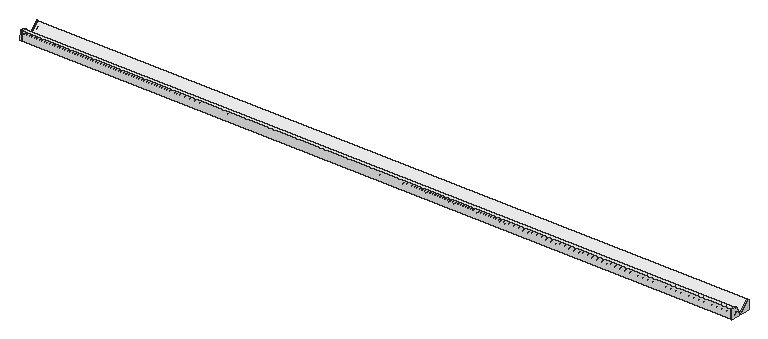
Revit family "R3314 updated", category Lighting Fixtures, host Face, Revit 2020 (continued)
Definition of nested family "DFRGBW 2"
  Definition of nested family "Increment DFRGBW strip"
    Forms (in)
      Extrusion 3, solid, material <- "LED"
        sketch origin (0, 0, 0) x (1, 0, 0) y (0, 1, 0)
          loop
            arc (0.36972, -0.19189) -> (0.39103, -0.17057) -> (0.36972, -0.14925) r 0.02132
            line (0.36972, -0.14925) -> (0.29284, -0.14925)
        from 0.04474 to 0.05111
    Dimensions and locks (in)
      "Increment": plane 3 "Center (Left/Right)" to plane 4
      equal spacing: plane 5, plane 1 "Center (Front/Back)", plane 6
      "Width": plane 5 to plane 6
      equal spacing: Extrusion 2, plane 1 "Center (Front/Back)", Extrusion 2
      "Height": plane 9 to plane 2
      aligned and locked: plane 2 to level
      aligned and locked: Sweep 1 sketch curve to plane 1 "Center (Front/Back)"
      aligned and locked: plane 3 "Center (Left/Right)" to Sweep 1 sketch curve
      aligned and locked: plane 4 to Sweep 1 sketch curve
      aligned and locked: plane 6 to Sweep 1 sketch curve
      aligned and locked: Sweep 1 sketch curve to plane 5
      aligned and locked: Extrusion 2 to Sweep 1
      aligned and locked: Extrusion 2 to plane 9
      aligned and locked: Extrusion 3 to Sweep 1
      aligned and locked: plane 10 to Extrusion 3
    Automatic sketch dimensions
      level to Sweep 1 sketch curve = 0.04474"
      Sweep 1 sketch curve to level = 0.0000"
      Extrusion 2 sketch curve to plane 3 "Center (Left/Right)" = 0.0000"
      Extrusion 2 sketch curve to plane 4 = 0.0000"
      plane 1 "Center (Front/Back)" to Extrusion 2 sketch curve = 0.11457"
      Extrusion 2 sketch curve to plane 1 "Center (Front/Back)" = 0.11457"
      Extrusion 3 sketch curve to plane 5 = 0.04311"
      plane 7 to Extrusion 3 sketch curve = 0.13659"
      Extrusion 3 sketch curve to Extrusion 3 sketch curve = 0.07688"  (x7)
      plane 6 to Extrusion 3 sketch curve = 0.08585"  (x3)
      plane 7 to Extrusion 3 sketch curve = 0.28299"
      Extrusion 3 sketch curve to Extrusion 3 sketch curve = 0.29073"
      plane 6 to Extrusion 3 sketch curve = 0.04322"  (x2)
      Extrusion 3 sketch curve to Extrusion 3 sketch curve = 0.07919"
      Extrusion 3 sketch curve to plane 5 = 0.08575"
      Extrusion 3 sketch curve to plane 8 = 0.25387"
      Extrusion 3 sketch curve to plane 8 = 0.00618"
      plane 8 to Extrusion 3 sketch curve = 0.0707"
      plane 6 to Extrusion 3 sketch curve = 0.06454"
      Extrusion 3 sketch curve to plane 4 = 0.70223"
      Extrusion 3 sketch curve to Extrusion 3 sketch curve = 0.0837"
      Extrusion 3 sketch curve to Extrusion 3 sketch curve = 0.04263"  (x3)
      Extrusion 3 sketch curve to Extrusion 3 sketch curve = 0.02132"  (x5)
Definition of nested family "N2_3000K"
  Parameters (values of type "N2_3000K")
    Wattage Comments = "1.85 W/FT"
    Watt [instance] = (1.85 W * Actual Light Length) / 12.0000"  # 3.64173 W
    Warranty URL = "https://bllighting.com/terms-and-conditions/"
    Voltage Comments = ""
    Version = "2020-v2.9"  # constant formula
    URL = "https://bllighting.com/"
    Strip = none
    Rdwn [instance] = rounddown(L1 / Cutting Increment)  # 12
    Product Page URL = "https://bllighting.com/our-products/bl-flexform-n2-series/#BL%20flexFORM%20N2++%23BL%20flexFORM%20N2++"
    Product Name = "BL flexFORM N2"  # constant formula
    Product Documentation Link = "https://bllighting.com/wp-content/uploads/N2-Specification.pdf"
    No of Source [instance] = rounddown(Actual Light Length / Cutting Increment)  # 12
    N2_1 [instance] = not(N2)  # no
    N2 [instance] = if(No of Source < 2, 1 = 0, 1 = 1)  # yes
    Model = "BL flexFORM N2"
    Manufacturer Phone Number = "1-604-874-4405"  # constant formula
    Manufacturer Email = "info@bllighting.com"
    Manufacturer Address = "111 - 8838 Heatner St. Vancouver. BC, Canada. V6P 3S8"  # constant formula
    Manufacturer = "BL Lighting"  # constant formula
    Lumens [instance] = 98 lm/W * Watt  # 356.889 lm
    Lumen Output = "180 lm/FT"
    Light source Placement [instance] = Actual Light Length / 2  # 11.8110"
    Light Length [instance] = 24.0000"
    Lens Material = none
    Lamp Life = "50,000 Hours"
    Lamp = "SMD 2216"
    LED = none
    L1 [instance] = if(Light Length < Cutting Increment, Cutting Increment, Light Length)  # 24.0000"
    Instruction Sheet Link = "https://bllighting.com/wp-content/uploads/N2-Specification.pdf"
    Initial Color Option Available = ""
    Finish = none
    Description = "Flexible,Linear LED Strip Lighting"  # constant formula
    Default Elevation = 48.0000"
    D = 0.0500"
    Cutting Increment [instance] = 1.9685"  # constant formula
    Copyright = "©BL INNOVATIVE LIGHTING"  # constant formula
    Actual No Of Source [instance] = if(No of Source < 2, 2, No of Source)  # 12
    Actual Light Length [instance] = Rdwn * Cutting Increment  # 23.6220"
    A = 0.17969"
  Reference planes (in)
    plane 1 "Center (Front/Back)": y = 0
    plane 2: z = 0
    plane 3 "Center (Left/Right)": x = 0
    plane 4: x = 23.622
    plane 5: y = 18.35094
    plane 6: x = 11.811
    plane 7: z = -0.33465
    plane 8: y = 18.44079
    plane 9: y = 18.2611
    plane 10: x = 1.9685
    plane 11: z = -0.05
  Dimensions and locks (in)
    "Actual Light Length": plane 4 to plane 3 "Center (Left/Right)"
    "Actual Light Length": plane 3 "Center (Left/Right)" to plane 4
    plane 6 to plane 4 = 11.8110"
    "Light source Placement": plane 6 to plane 4
    locked: plane 1 "Center (Front/Back)" to plane 5 at 18.35094
    locked: level to plane 7 at 0.33465
    "A": plane 8 to plane 9
    equal spacing: plane 8, plane 5, plane 9
    "Cutting Increment": plane 3 "Center (Left/Right)" to plane 10
    "D": level to plane 11
    equal spacing: group 1, group 2, group 3, group 4, group 5, group 6, group 7, group 8, group 9, group 10, group 11, group 12  (x3)
    aligned and locked: level to plane 2
    aligned and locked: plane 3 "Center (Left/Right)" to nested 1
    aligned and locked: nested 1 to plane 5
    aligned and locked: nested 1 to plane 11
    aligned and locked: plane 10 to nested 2
    aligned and locked: nested 3 to plane 3 "Center (Left/Right)"
    aligned and locked: nested 3 to plane 11
    aligned and locked: nested 3 to plane 5
  Nested families (in)
    nested 1: "Increment strip 4" at (0, 18.35094, 0), LED <- "LED", Strip <- "Strip", Height <- "D", Increment <- "Cutting Increment", Width <- "A", visible <- "N2", N2 <- "N2", type "Increment strip 4"
      with Width 0.17969", Strip none, N2 yes, LED none, Increment 1.9685", Height 0.0500"
    nested 2: "Increment strip 4" at (1.9685, 18.35094, 0), LED <- "LED", Strip <- "Strip", Height <- "D", Increment <- "Cutting Increment", Width <- "A", visible <- "N2", N2 <- "N2", type "Increment strip 4"
      with Width 0.17969", Strip none, N2 yes, LED none, Increment 1.9685", Height 0.0500"
    nested 3: "Increment strip 4" at (0, 18.35094, 0), LED <- "LED", Strip <- "Strip", Height <- "D", Increment <- "Cutting Increment", Width <- "A", visible <- "N2_1", N2 <- "N2_1", type "Increment strip 4"
      with Width 0.17969", Strip none, N2 no, LED none, Increment 1.9685", Height 0.0500"
    nested 4: "Increment strip 4" at (3.937, 18.35094, 0), LED <- "LED", Strip <- "Strip", Height <- "D", Increment <- "Cutting Increment", Width <- "A", visible <- "N2", N2 <- "N2", type "Increment strip 4"
      with Width 0.17969", Strip none, N2 yes, LED none, Increment 1.9685", Height 0.0500"
    nested 5: "Increment strip 4" at (5.9055, 18.35094, 0), LED <- "LED", Strip <- "Strip", Height <- "D", Increment <- "Cutting Increment", Width <- "A", visible <- "N2", N2 <- "N2", type "Increment strip 4"
      with Width 0.17969", Strip none, N2 yes, LED none, Increment 1.9685", Height 0.0500"
    nested 6: "Increment strip 4" at (7.874, 18.35094, 0), LED <- "LED", Strip <- "Strip", Height <- "D", Increment <- "Cutting Increment", Width <- "A", visible <- "N2", N2 <- "N2", type "Increment strip 4"
      with Width 0.17969", Strip none, N2 yes, LED none, Increment 1.9685", Height 0.0500"
    nested 7: "Increment strip 4" at (9.8425, 18.35094, 0), LED <- "LED", Strip <- "Strip", Height <- "D", Increment <- "Cutting Increment", Width <- "A", visible <- "N2", N2 <- "N2", type "Increment strip 4"
      with Width 0.17969", Strip none, N2 yes, LED none, Increment 1.9685", Height 0.0500"
    nested 8: "Increment strip 4" at (11.811, 18.35094, 0), LED <- "LED", Strip <- "Strip", Height <- "D", Increment <- "Cutting Increment", Width <- "A", visible <- "N2", N2 <- "N2", type "Increment strip 4"
      with Width 0.17969", Strip none, N2 yes, LED none, Increment 1.9685", Height 0.0500"
    nested 9: "Increment strip 4" at (13.7795, 18.35094, 0), LED <- "LED", Strip <- "Strip", Height <- "D", Increment <- "Cutting Increment", Width <- "A", visible <- "N2", N2 <- "N2", type "Increment strip 4"
      with Width 0.17969", Strip none, N2 yes, LED none, Increment 1.9685", Height 0.0500"
    nested 10: "Increment strip 4" at (15.748, 18.35094, 0), LED <- "LED", Strip <- "Strip", Height <- "D", Increment <- "Cutting Increment", Width <- "A", visible <- "N2", N2 <- "N2", type "Increment strip 4"
      with Width 0.17969", Strip none, N2 yes, LED none, Increment 1.9685", Height 0.0500"
    nested 11: "Increment strip 4" at (17.7165, 18.35094, 0), LED <- "LED", Strip <- "Strip", Height <- "D", Increment <- "Cutting Increment", Width <- "A", visible <- "N2", N2 <- "N2", type "Increment strip 4"
      with Width 0.17969", Strip none, N2 yes, LED none, Increment 1.9685", Height 0.0500"
    nested 12: "Increment strip 4" at (19.685, 18.35094, 0), LED <- "LED", Strip <- "Strip", Height <- "D", Increment <- "Cutting Increment", Width <- "A", visible <- "N2", N2 <- "N2", type "Increment strip 4"
      with Width 0.17969", Strip none, N2 yes, LED none, Increment 1.9685", Height 0.0500"
    nested 13: "Increment strip 4" at (21.6535, 18.35094, 0), LED <- "LED", Strip <- "Strip", Height <- "D", Increment <- "Cutting Increment", Width <- "A", visible <- "N2", N2 <- "N2", type "Increment strip 4"
      with Width 0.17969", Strip none, N2 yes, LED none, Increment 1.9685", Height 0.0500"
  Definition of nested family "Increment strip 4"
    Parameters (values of type "Increment strip 4")
      Width [instance] = 0.17969"
      Strip [instance] = none
      N2 [instance] = yes
      LED [instance] = none
      Increment [instance] = 1.9600"
      Height [instance] = 0.0500"
      Default Elevation = 0.0000"
    Reference planes (in)
      plane 1 "Center (Front/Back)": y = 0
      plane 2: z = 0
      plane 3 "Center (Left/Right)": x = 0
      plane 4: x = 1.96
      plane 5: y = -0.08984
      plane 6: y = 0.08984
      plane 7: z = -0.05
      plane 8: x = 0.15625
      plane 9: x = 1.78125
      plane 10: y = 0.29944
    Forms (in)
      Sweep 1, solid, material <- "Strip", visible <- "N2"
        path origin (0, 0, 0) x (1, 0, 0) y (0, 1, 0)
          loop
            line (1.96, 0) -> (0, 0)
        profile origin (0.98, 0, 0) x (0, -1, 0) y (0, 0, 1)
          loop
            line (-0.08984, -0.01867) -> (-0.08984, -0.05) -> (0.08984, -0.05) -> (0.08984, -0.01867) -> (-0.08984, -0.01867)
      Extrusion 2, solid, material <- "LED", visible <- "N2"
        sketch origin (0.33071, 0, 0.03211) x (1, 0, 0) y (0, 1, 0)
          loop
            line (0.11688, 0.03937) -> (0.11688, -0.03937) -> (0.19562, -0.03937) -> (0.19562, 0.03937) -> (0.11688, 0.03937)
        from -0.05078 to -0.03211
      Extrusion 3, solid, material <- "LED", visible <- "N2"
        sketch origin (0, 0, 0.03211) x (1, 0, 0) y (0, 1, 0)
          loop
            line (0.11688, 0.03937) -> (0.11688, -0.03937) -> (0.19562, -0.03937) -> (0.19562, 0.03937) -> (0.11688, 0.03937)
        from -0.05078 to -0.03211
      Extrusion 4, solid, material <- "LED", visible <- "N2"
        sketch origin (0.66142, 0, 0.03211) x (1, 0, 0) y (0, 1, 0)
          loop
            line (0.11688, 0.03937) -> (0.11688, -0.03937) -> (0.19562, -0.03937) -> (0.19562, 0.03937) -> (0.11688, 0.03937)
        from -0.05078 to -0.03211
      Extrusion 5, solid, material <- "LED", visible <- "N2"
        sketch origin (0.96358, 0, 0.03211) x (1, 0, 0) y (0, 1, 0)
          loop
            line (0.11688, 0.03937) -> (0.11688, -0.03937) -> (0.19562, -0.03937) -> (0.19562, 0.03937) -> (0.11688, 0.03937)
        from -0.05078 to -0.03211
      Extrusion 6, solid, material <- "LED", visible <- "N2"
        sketch origin (1.29429, 0, 0.03211) x (1, 0, 0) y (0, 1, 0)
          loop
            line (0.11688, 0.03937) -> (0.11688, -0.03937) -> (0.19562, -0.03937) -> (0.19562, 0.03937) -> (0.11688, 0.03937)
        from -0.05078 to -0.03211
      Extrusion 7, solid, material <- "LED", visible <- "N2"
        sketch origin (1.625, 0, 0.03211) x (1, 0, 0) y (0, 1, 0)
          loop
            line (0.11688, 0.03937) -> (0.11688, -0.03937) -> (0.19562, -0.03937) -> (0.19562, 0.03937) -> (0.11688, 0.03937)
        from -0.05078 to -0.03211
    Dimensions and locks (in)
      "Increment": plane 3 "Center (Left/Right)" to plane 4
      equal spacing: plane 5, plane 1 "Center (Front/Back)", plane 6
      "Width": plane 5 to plane 6
      "Height": level to plane 7
      locked: Extrusion 2 sketch curve to Extrusion 2 sketch curve at 0.07874  (x2)
      locked: Extrusion 3 sketch curve to Extrusion 3 sketch curve at 0.07874  (x2)
      locked: Extrusion 4 sketch curve to Extrusion 4 sketch curve at 0.07874  (x2)
      locked: Extrusion 5 sketch curve to Extrusion 5 sketch curve at 0.07874  (x2)
      locked: Extrusion 6 sketch curve to Extrusion 6 sketch curve at 0.07874  (x2)
      locked: Extrusion 7 sketch curve to Extrusion 7 sketch curve at 0.07874  (x2)
      aligned and locked: plane 2 to level
      aligned and locked: Sweep 1 sketch curve to plane 1 "Center (Front/Back)"
      aligned and locked: plane 3 "Center (Left/Right)" to Sweep 1 sketch curve
      aligned and locked: plane 4 to Sweep 1 sketch curve
      aligned and locked: Sweep 1 to plane 7
      aligned and locked: plane 2 to Extrusion 2
      aligned and locked: Extrusion 2 to Sweep 1
    Automatic sketch dimensions
      profile plane to Sweep 1 sketch curve = 0.08984"
      Sweep 1 sketch curve to profile plane = 0.08984"
      Sweep 1 sketch curve to level = 0.0500"
      Sweep 1 sketch curve to level = 0.01867"
      Extrusion 2 sketch curve to plane 1 "Center (Front/Back)" = 0.03937"
      plane 8 to Extrusion 2 sketch curve = 0.29134"
      Extrusion 3 sketch curve to plane 8 = 0.03937"
      plane 1 "Center (Front/Back)" to Extrusion 3 sketch curve = 0.03937"
      Extrusion 4 sketch curve to plane 1 "Center (Front/Back)" = 0.03937"
      plane 8 to Extrusion 4 sketch curve = 0.62205"
      Extrusion 5 sketch curve to plane 1 "Center (Front/Back)" = 0.03937"
      Extrusion 5 sketch curve to plane 9 = 0.70079"
      Extrusion 6 sketch curve to plane 1 "Center (Front/Back)" = 0.03937"
      Extrusion 6 sketch curve to plane 9 = 0.37008"
      Extrusion 7 sketch curve to plane 9 = 0.03937"
      plane 1 "Center (Front/Back)" to Extrusion 7 sketch curve = 0.03937"
Types (5): name | Wattage Comments | Rdwn | Product Name | Number of LED's | No Of Source | N2 Watt | N2 Lumens | N2 | Model | Max Input Current | Lumen Output | Light Length | Lamp | LED Tape Page URL | LED Tape Documentation link | L1 | Increment | DFRGBW 2 Watt | DFRGBW 2 Lumens | DFRGBW 2 | DFD3 Watt | DFD3 Lumens | DFD3 | DFD2 Watt | DFD2 Lumens | DFD2 | DFD1 Watt | DFD1 Lumens | DFD1 | Color Option Available | CCT | Apparent Load | Actual No Of Source | Actual Light Length
  112 lm per FT 1.22 W per FT - DFD1 | "1.22W/FT" | 24 | "DFD1" | "146 Diodes/FT" | 24 | 7.28345 W | 713.778 lm | no | "DFD1" | "4A" | "112 lm/FT" | 48.0000" | "" | "https://bllighting.com/products/led-tape/dfd1" | "https://bllighting.com/wp-content/uploads/DFD1-Specification.pdf" | 48.0000" | 1.9685" | 17.9921 W | 809.644 lm | no | 17.3228 W | 1697.63 lm | no | 9.60628 W | 960.628 lm | no | 4.80314 W | 441.889 lm | yes | "2700K,3000K,4000K,6500K" | "2700K,3000K,4000K,6500K" | 96 VA | 24 | 47.2440"
  258 lm per FT 2.44 W per FT - DFD2 | "2.44W/FT" | 24 | "DFD2" | "146 Diodes/FT" | 24 | 7.28345 W | 713.778 lm | no | "DFD2" | "4A" | "258 lm/FT" | 48.0000" | "" | "https://bllighting.com/products/led-tape/dfd2" | "https://bllighting.com/wp-content/uploads/DFD2-Specification.pdf" | 48.0000" | 1.9685" | 17.9921 W | 809.644 lm | no | 17.3228 W | 1697.63 lm | no | 9.60628 W | 960.628 lm | yes | 4.80314 W | 441.889 lm | no | "2400K,2700K,3000K,3500K,4000K" | "2400K,2700K,3000K,3500K,4000K" | 96 VA | 24 | 47.2440"
  419 lm per FT 4.4 W per FT - DFD3 | "4.4W/FT" | 24 | "DFD3" | "146 Diodes/FT" | 24 | 7.28345 W | 713.778 lm | no | "DFD3" | "4A" | "419 lm/FT" | 48.0000" | "" | "https://bllighting.com/products/led-tape/dfd3" | "https://bllighting.com/wp-content/uploads/DFD3-Specification.pdf" | 48.0000" | 1.9685" | 17.9921 W | 809.644 lm | no | 17.3228 W | 1697.63 lm | yes | 9.60628 W | 960.628 lm | no | 4.80314 W | 441.889 lm | no | "2400K,2700K,3000K,3500K,4000K" | "2400K,2700K,3000K,3500K,4000K" | 96 VA | 24 | 47.2440"
  207 lm per FT 4.57 W per FT - DFRGBW 2 | "4.57W/FT" | 14 | "DFRGBW 2" | "410 Diodes/FT" | 14 | 7.07825 W | 693.669 lm | no | "DFRGBW 2" | "0.625A" | "207 lm/FT" | 48.0000" | "" | "https://bllighting.com/products/led-tape/dfrgbw2" | "https://bllighting.com/wp-content/uploads/DFRGBW-2-Specification.pdf" | 48.0000" | 3.2795" | 17.4852 W | 786.834 lm | yes | 16.8348 W | 1649.81 lm | no | 9.33564 W | 933.564 lm | no | 4.66782 W | 429.44 lm | no | "3000K" | "3000K" | 15 VA | 14 | 45.9130"
  180 Im per FT1.85 W per FT - N2 | "1.85W/FT" | 18 | "N2" | "18 Diodes/FT" | 18 | 5.46259 W | 535.334 lm | yes | "N2" | "5A" | "180 lm/FT" | 36.0000" | "SMD 3528" | "https://bllighting.com/products/led-tape/n2" | "https://bllighting.com/wp-content/uploads/N2-Specification.pdf" | 36.0000" | 1.9685" | 13.4941 W | 607.233 lm | no | 12.9921 W | 1273.23 lm | no | 7.20471 W | 720.471 lm | no | 3.60236 W | 331.417 lm | no | "2700K,3000K,3500K,4000K" | "2700K,3000K,3500K,4000K" | 120 VA | 18 | 35.4330"
